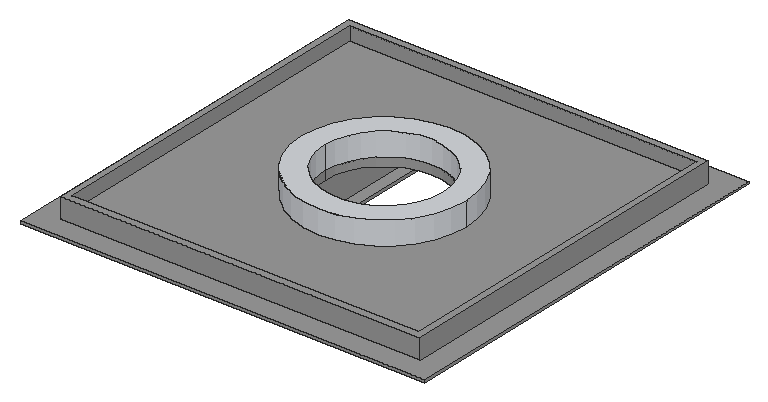
Revit family "Rahmenkassette Schwerlast für Tubus, RKFSL, Nenngröße 250-3, Belastungsklasse 1", category Generic Models, Revit 2015
Parameters (values of type "RKF2 SL1 V2 20")
  Width 1 = 288 mm
  Width = 324 mm
  URL = "http://www.obo-bettermann.com"
  Material = Stainless Steel
  Manufacturer Art.No. = "7409482"
  Manufacturer = "OBO Bettermann"
  Height 1 = 18 mm
  Height = 20 mm
  GTIN = "4012195869818"
  Cut depth = 5 mm
  Article Type = "RKF2 SL1 V2 20"
Types (5, lengths in mm): name | Manufacturer Art.No. | Height 1 | Height | GTIN | Cut depth | Article Type
  (no name) | "7409482" | 18 | 20 | "4012195869818" | 5 | "RKF2 SL1 V2 20"
  RKF2 SL1 V2 20 | "7409482" | 18 | 20 | "4012195869818" | 5 | "RKF2 SL1 V2 20"
  RKF2 SL1 V2 25 | "7409484" | 23 | 25 | "4012195869825" | 5 | "RKF2 SL1 V2 25"
  RKF2 SL1 V2 30 | "7409486" | 28 | 30 | "4012195869863" | 0 | "RKF2 SL1 V2 30"
  RKF2 SL1 V2 40 | "7409490" | 38 | 40 | "4012195869887" | 5 | "RKF2 SL1 V2 40"
Reference planes
  plane 1 "Center (Front/Back)": y = 0
  plane 2: z = 0
  plane 3 "Center (Left/Right)": x = 0
  plane 4: z = 2
  plane 5: y = 125
  plane 6: y = -125
  plane 7: z = 7
Forms (mm)
  Extrusion 1, solid, material "Stainless Steel" <- "Material"
    sketch origin (0, 0, 0) x (1, 0, 0) y (0, 1, 0)
      loop
        line (-144, 144) -> (-144, -144) -> (144, -144) -> (144, 144) -> (-144, 144)
    from 0 to 18
  Extrusion 2, solid, material "Stainless Steel" <- "Material"
    sketch origin (0, 0, 0) x (1, 0, 0) y (0, 1, 0)
      loop
        line (-162, 162) -> (-162, -162) -> (162, -162) -> (162, 162) -> (-162, 162)
      loop
        line (144, 144) -> (-144, 144) -> (-144, -144) -> (144, -144) -> (144, 144)
    from 0 to 2
  Extrusion 3, void
    sketch origin (0, 0, 0) x (1, 0, 0) y (0, 1, 0)
      loop
        line (-139.1, 139.1) -> (-139.1, -139.1) -> (139.1, -139.1) -> (139.1, 139.1) -> (-139.1, 139.1)
    from 7 to 18
  Extrusion 4, solid, material "Stainless Steel" <- "Material"
    sketch origin (0, 0, 0) x (1, 0, 0) y (0, 0, 1)
      loop
        line (-61, 0) -> (-61, -35) -> (-49, -35) -> (-49, -33) -> (-59, -33) -> (-59, 0) -> (-61, 0)
      loop
        line (59, 0) -> (59, -33) -> (46, -33) -> (46, -35) -> (61, -35) -> (61, 0) -> (59, 0)
    from -125 to 125
  Extrusion 5, void
    sketch origin (0, 0, 0) x (0, 1, 0) y (0, 0, 1)
      loop
        line (125, 0) -> (103, -33) -> (103, -35) -> (125, -35) -> (125, 0)
      loop
        line (-125, 0) -> (-125, -35) -> (-103, -35) -> (-103, -33) -> (-125, 0)
    from -61 to 61
  Extrusion 6, solid
    sketch origin (0, 0, -6.051) x (1, 0, 0) y (0, 1, 0)
      loop
        circle (0, 0) r 66
    from 13.051 to 31.501
  Extrusion 7, void
    sketch origin (0, 0, 0) x (1, 0, 0) y (0, 1, 0)
      loop
        circle (0, 0) r 47.77
    from 0 to 25.45
Cuts and joins
  Extrusion 3, Extrusion 7 cuts Extrusion 1
  Extrusion 5 cuts Extrusion 4
  Extrusion 7 cuts Extrusion 6
Dimensions and locks
  "Width 1": Extrusion 1 sketch curve to Extrusion 1 sketch curve  (x2)
  equal spacing: Extrusion 1 sketch curve, plane 3 "Center (Left/Right)", Extrusion 1 sketch curve
  equal spacing: Extrusion 1 sketch curve, plane 1 "Center (Front/Back)", Extrusion 1 sketch curve, locked at 144 each
  "Height 1": Extrusion 1 to level
  "Width": Extrusion 2 sketch curve to Extrusion 2 sketch curve  (x2)
  equal spacing: Extrusion 2 sketch curve, plane 3 "Center (Left/Right)", Extrusion 2 sketch curve
  equal spacing: Extrusion 2 sketch curve, plane 1 "Center (Front/Back)", Extrusion 2 sketch curve, locked at 162 each
  locked: plane 4 to level at 2
  locked: Extrusion 3 sketch curve to Extrusion 3 sketch curve at 278.2  (x2)
  equal spacing: Extrusion 3 sketch curve, plane 3 "Center (Left/Right)", Extrusion 3 sketch curve, locked at 139.1 each
  equal spacing: Extrusion 3 sketch curve, plane 1 "Center (Front/Back)", Extrusion 3 sketch curve, locked at 139.1 each
  locked: Extrusion 4 sketch curve to Extrusion 4 sketch curve at 2  (x4)
  locked: Extrusion 2 to Extrusion 4 sketch curve at 35  (x2)
  locked: Extrusion 4 sketch curve to Extrusion 4 sketch curve at 118
  equal spacing: Extrusion 4 sketch curve, plane 3 "Center (Left/Right)", Extrusion 4 sketch curve, locked at 59 each
  locked: plane 5 to plane 6 at 250
  locked: plane 5 to plane 1 "Center (Front/Back)" at 125
  locked: Extrusion 4 to Extrusion 5 sketch curve at 22
  locked: Extrusion 4 to Extrusion 5 sketch curve at 35  (x2)
  locked: Extrusion 4 to Extrusion 5 sketch curve at 2  (x2)
  locked: Extrusion 5 sketch curve to Extrusion 4 at 22
  "Cut depth": plane 7 to plane 4
  locked: Extrusion 6 to cut or joined group of Extrusion 1, Extrusion 3, Extrusion 7 at 18.45
  diameter of Extrusion 6 sketch curve = 132 mm
  diameter of Extrusion 7 sketch curve = 95.54 mm
  aligned and locked: level to plane 2
  aligned and locked: Extrusion 1 to level
  aligned and locked: Extrusion 2 to level
  aligned and locked: plane 4 to Extrusion 2
  aligned and locked: Extrusion 2 sketch curve to Extrusion 1  (x4)
  aligned and locked: Extrusion 1 to Extrusion 3
  aligned and locked: Extrusion 4 to plane 5
  aligned and locked: plane 6 to Extrusion 4
  aligned and locked: Extrusion 5 sketch curve to plane 5
  aligned and locked: plane 6 to Extrusion 5 sketch curve
  aligned and locked: Extrusion 5 to Extrusion 4  (x2)
  aligned and locked: Extrusion 3 to plane 7
  aligned and locked: cut or joined group of Extrusion 1, Extrusion 3, Extrusion 7 to Extrusion 6
  aligned and locked: Extrusion 7 to level
  aligned and locked: cut or joined group of Extrusion 6, Extrusion 7 to Extrusion 7
Automatic sketch dimensions
  Extrusion 4 sketch curve to level = 0 mm  (x2)
  Extrusion 4 sketch curve to Extrusion 4 sketch curve = 10 mm
  Extrusion 4 sketch curve to Extrusion 4 sketch curve = 13 mm
  plane 1 "Center (Front/Back)" to Extrusion 6 sketch curve = 0 mm
  Extrusion 6 sketch curve to plane 3 "Center (Left/Right)" = 0 mm
  plane 1 "Center (Front/Back)" to Extrusion 7 sketch curve = 0 mm
  Extrusion 7 sketch curve to plane 3 "Center (Left/Right)" = 0 mm
